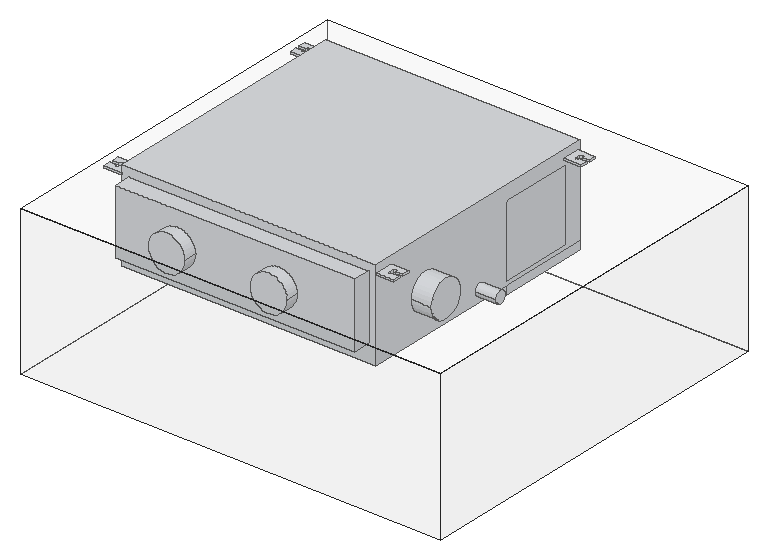
Revit family "pdfy-p22_140gmg7_50Hz", category 機械設備, Revit 2019
Family settings
  丸型コネクタ寸法 = 直径を使用
  パーツ タイプ = 標準
  OmniClass 番号 = 23.75.10.24.21.27.27
  OmniClass タイトル = Split System Air Conditioning Units
  作業面ベース = いいえ
  常に垂直 = いいえ
  ロード時にボイドで切り取り = いいえ
  共有 = いいえ
  部屋計算ポイント = はい
Parameters (values of type "PDFY-P22GMG7")
  騒音レベル（弱）(dB) = 51
  騒音レベル（中）(dB) = 55
  風量（弱）（m3／min） = 6
  風量（中）（m3／min） = 7.5
  風量（m3／min） = 8.5
  風量 = MAX風量  # 510.0 m³/h
  音響パワーレベル(dB) = 57
  電源種別 = ""
  電圧_電気ヒーター = 0 V
  電圧 = 200 V
  電動機出力_送風機 = 85 W
  運転質量 = 0.00 kg
  連動 = ""
  質量 = if(製品質量 > 運転質量, 製品質量, 運転質量) * 1.2  # 28.80 kg
  負荷分類 = 10_ファンコイル類
  説明 = "ビル用マルチエアコン 室内ユニット 天井ビルトイン形"
  設計暖房能力 [instance] = 0 kW
  設計冷房能力_顕熱 [instance] = 0 kW
  設計冷房能力 [instance] = 0 kW
  設置方法 = "天井吊(隠ぺい)形"
  記号 [instance] = ""
  製造元 = "三菱電機株式会社"
  製品質量 = 24.00 kg
  製品出荷対象 = "国内"
  製品リリース年月 = "2020年7月22日"
  製品グループ = ""
  系統 [instance] = ""
  符号 = "ACP-CIS"
  積算_科目 = "1 空気調和設備"
  積算_拾い区分 [instance] = ""
  相_電気ヒーター = 1
  相 = 1
  盤記号 [instance] = ""
  発停方法 = ""
  特殊仕様 [instance] = ""
  火災停止 = ""
  消費電力_電気ヒーター = 0 W
  消費電力_暖房 = 70 W
  消費電力_加湿器 = 0 W
  消費電力_冷房 = 90 W
  消費電力 = if(消費電力_冷房 > 消費電力_暖房, 消費電力_冷房, 消費電力_暖房) + 消費電力_加湿器 + 消費電力_電気ヒーター  # 90 W
  法定耐用年数 = "15"
  機外静圧 = 30.0 Pa
  極数 = 1
  材質 [instance] = ""
  有効加湿量 = 0
  暖房能力 = 2.5 kW
  形式_加湿器 = ""
  形式 = "天井吊（隠ぺい）形（片ダクト形）"
  幹線記号 [instance] = ""
  始動方式 = "直入"
  呼称 = "室内機_天井吊(隠ぺい)形(⽚ダクト形)"
  周波数 = 50 Hz
  台数_手元リモコン [instance] = ""
  台数_冷媒分岐ユニット [instance] = ""
  参照している仕様書等のバージョン = "公共建築工事標準仕様書（機械設備工事編）平成31年度版"
  加湿給水管径 = 0.00 mm
  分類コード = "50053003221050"
  分類グループ = ""
  冷房能力 = 2.2 kW
  冷媒高低圧ガス管径 = 0.00 mm
  冷媒管径符号 = "Ac"
  冷媒管径 = 100.00 mm
  冷媒液管径 = 6.35 mm
  冷媒ガス管径 = 12.70 mm
  価格 = 0
  企業コード = "108420"
  付属品_フィルター = ""
  付属品 [instance] = ""
  仕様書バージョン = "Version1.0"
  モデル = "PDFY-P22GMG7"
  パネル マテリアル = none
  ドレン管径 = 32.00 mm
  チャンバーボックス [instance] = yes
  ダクト高 = 178 mm
  ダクト幅 = 660 mm
  コメント [instance] = ""
  Keynote = ""
  Assembly Code = ""
  Width = 700 mm
  Version = ""
  Uniclass2015Version = "Systems v1.9"
  Uniclass2015Title = "Split coil remote air cooled condensing units"
  Uniclass2015Code = "Pr_70_65_03_84"
  URL = "https://www.mitsubishielectric.co.jp/ldg/wink/ssl/displayProduct.do?pid=307552"
  SpecificationReference = ""
  SpecificationDescription = ""
  Revision = ""
  ProductInformation = ""
  OmniClassCode = "23-33 17 13 11"
  MIN風量 = 風量（弱）（m3／min） * 60.0 m³/h  # 360.0 m³/h
  MID風量 = 風量（中）（m3／min） * 60.0 m³/h  # 450.0 m³/h
  MAX風量 = 風量（m3／min） * 60.0 m³/h  # 510.0 m³/h
  IfcTypeProduct = ""
  IfcProduct = ""
  IfcExportType = "AIRCONDITIONINGUNIT"
  IfcExportAs = "IfcUnitaryEquipmentType"
  Height = 250 mm
  Depth = 701 mm
  Author = "三菱電機株式会社"
Types (10, lengths in mm): name | 騒音レベル（弱）(dB) | 騒音レベル（中）(dB) | 風量（弱）（m3／min） | 風量（中）（m3／min） | 風量（m3／min） | 風量 | 音響パワーレベル(dB) | 電動機出力_送風機 | 質量 | 製品質量 | 消費電力_暖房 | 消費電力_冷房 | 消費電力 | 暖房能力 | 冷房能力 | 冷媒管径符号 | 冷媒液管径 | 冷媒ガス管径 | モデル | ダクト幅 | Width | URL | MIN風量 | MID風量 | MAX風量
  PDFY-P22GMG7 | 51 | 55 | 6 | 7.5 | 8.5 | 510.0 m³/h | 57 | 85 W | 28.80 kg | 24.00 kg | 70 W | 90 W | 90 W | 2.5 kW | 2.2 kW | "Ac" | 6.35 | 12.70 | "PDFY-P22GMG7" | 660 | 700 | "https://www.mitsubishielectric.co.jp/ldg/wink/ssl/displayProduct.do?pid=307552" | 360.0 m³/h | 450.0 m³/h | 510.0 m³/h
  PDFY-P28GMG7 | 51 | 56 | 6 | 7.5 | 8.5 | 510.0 m³/h | 57 | 85 W | 28.80 kg | 24.00 kg | 70 W | 90 W | 90 W | 3.2 kW | 2.8 kW | "Ac" | 6.35 | 12.70 | "PDFY-P28GMG7" | 660 | 700 | "https://www.mitsubishielectric.co.jp/ldg/wink/ssl/displayProduct.do?pid=307553" | 360.0 m³/h | 450.0 m³/h | 510.0 m³/h
  PDFY-P36GMG7 | 53 | 58 | 7 | 9 | 10.5 | 630.0 m³/h | 61 | 85 W | 28.80 kg | 24.00 kg | 110 W | 130 W | 130 W | 4 kW | 3.6 kW | "Ac" | 6.35 | 12.70 | "PDFY-P36GMG7" | 660 | 700 | "https://www.mitsubishielectric.co.jp/ldg/wink/ssl/displayProduct.do?pid=307501" | 420.0 m³/h | 540.0 m³/h | 630.0 m³/h
  PDFY-P45GMG7 | 53 | 56 | 9 | 12 | 14 | 840.0 m³/h | 59 | 85 W | 33.60 kg | 28.00 kg | 120 W | 140 W | 140 W | 5 kW | 4.5 kW | "Ac" | 6.35 | 12.70 | "PDFY-P45GMG7" | 860 | 900 | "https://www.mitsubishielectric.co.jp/ldg/wink/ssl/displayProduct.do?pid=307554" | 540.0 m³/h | 720.0 m³/h | 840.0 m³/h
  PDFY-P56GMG7 | 54 | 60 | 10 | 14.5 | 17 | 1020.0 m³/h | 62 | 85 W | 33.60 kg | 28.00 kg | 130 W | 150 W | 150 W | 6.3 kW | 5.6 kW | "Ac" | 6.35 | 15.90 | "PDFY-P56GMG7" | 860 | 900 | "https://www.mitsubishielectric.co.jp/ldg/wink/ssl/displayProduct.do?pid=307555" | 600.0 m³/h | 870.0 m³/h | 1020.0 m³/h
  PDFY-P71GMG7 | 56 | 60 | 12.5 | 16 | 19 | 1140.0 m³/h | 63 | 121 W | 39.60 kg | 33.00 kg | 140 W | 160 W | 160 W | 8 kW | 7.1 kW | "Bd" | 9.52 | 15.90 | "PDFY-P71GMG7" | 1060 | 1100 | "https://www.mitsubishielectric.co.jp/ldg/wink/ssl/displayProduct.do?pid=307502" | 750.0 m³/h | 960.0 m³/h | 1140.0 m³/h
  PDFY-P80GMG7 | 57 | 61 | 13 | 18 | 22 | 1320.0 m³/h | 64 | 121 W | 39.60 kg | 33.00 kg | 170 W | 190 W | 190 W | 9 kW | 8 kW | "Bd" | 9.52 | 15.90 | "PDFY-P80GMG7" | 1060 | 1100 | "https://www.mitsubishielectric.co.jp/ldg/wink/ssl/displayProduct.do?pid=307556" | 780.0 m³/h | 1080.0 m³/h | 1320.0 m³/h
  PDFY-P90GMG7 | 58 | 61 | 13 | 18 | 22 | 1320.0 m³/h | 64 | 121 W | 39.60 kg | 33.00 kg | 170 W | 190 W | 190 W | 10 kW | 9 kW | "Bd" | 9.52 | 15.90 | "PDFY-P90GMG7" | 1060 | 1100 | "https://www.mitsubishielectric.co.jp/ldg/wink/ssl/displayProduct.do?pid=307557" | 780.0 m³/h | 1080.0 m³/h | 1320.0 m³/h
  PDFY-P112GMG7 | 59 | 63 | 20 | 28 | 33 | 1980.0 m³/h | 67 | 244 W | 50.40 kg | 42.00 kg | 280 W | 300 W | 300 W | 12.5 kW | 11.2 kW | "Bd" | 9.52 | 15.90 | "PDFY-P112GMG7" | 1360 | 1400 | "https://www.mitsubishielectric.co.jp/ldg/wink/ssl/displayProduct.do?pid=307503" | 1200.0 m³/h | 1680.0 m³/h | 1980.0 m³/h
  PDFY-P140GMG7 | 62 | 67 | 24 | 34 | 40 | 2400.0 m³/h | 70 | 244 W | 50.40 kg | 42.00 kg | 390 W | 410 W | 410 W | 16 kW | 14 kW | "Bd" | 9.52 | 15.90 | "PDFY-P140GMG7" | 1360 | 1400 | "https://www.mitsubishielectric.co.jp/ldg/wink/ssl/displayProduct.do?pid=307558" | 1440.0 m³/h | 2040.0 m³/h | 2400.0 m³/h
Reference planes
  plane 1 "中心(正面/背面)": y = 0
  plane 2: z = 0
  plane 3 "中心(左/右)": x = 0
  plane 4: y = 407.5
  plane 5: x = -390
  plane 6: x = 770
  plane 7: y = -650.5
  plane 8: y = -350.5
  plane 9: y = 350.5
  plane 10: x = -350
  plane 11: x = 350
  plane 12: z = 22
  plane 13: z = 272
  plane 14: z = 282
  plane 15: z = -130
Lines and regions (mm)
  symbolic lines, detail levels fine
    curve 1: line (-350, 350.5, 0) -> (350, 350.5, 0)
    curve 2: line (-350, -350.5, 0) -> (-350, 350.5, 0)
    curve 3: line (350, -350.5, 0) -> (-350, -350.5, 0)
    curve 4: line (350, 350.5, 0) -> (350, -350.5, 0)
Dimensions and locks
  "Width": plane 10 to plane 11
  locked: plane 8 to plane 7 at 300
  locked: plane 4 to plane 9 at 57
  equal spacing: plane 9, plane 1 "中心(正面/背面)", plane 8
  "Depth": plane 9 to plane 8
  equal spacing: plane 10, plane 3 "中心(左/右)", plane 11
  locked: plane 11 to plane 6 at 420
  locked: plane 5 to plane 10 at 40
  locked: plane 12 to plane 2 at 22
  "Height": plane 13 to plane 12
  locked: plane 14 to plane 13 at 10
  locked: plane 2 to plane 15 at 130
  aligned and locked: level to plane 2
  aligned and locked: plane 1 "中心(正面/背面)" to nested 1
  aligned and locked: plane 3 "中心(左/右)" to nested 1
  aligned and locked: plane 6 to nested 2
  aligned and locked: plane 5 to nested 2
  aligned and locked: plane 15 to nested 2
  aligned and locked: plane 14 to nested 2
  aligned and locked: nested 2 to plane 7
  aligned and locked: nested 2 to plane 4
Automatic sketch dimensions
  curve 3 to plane 8 = 0 mm
  curve 3 to plane 10 = 0 mm
  curve 3 to plane 11 = 0 mm
  curve 2 to plane 9 = 0 mm
Nested families
  nested 1: "PDFY-P-GMG" at (0, 0, 0), ①高さ <- "Height", ①幅 <- "Width", ①奥行き <- "Depth", ダクト幅 <- "ダクト幅", ダクト高 <- "ダクト高", type "PDFY-P-GMG"
    with 配管径 100 mm, 液径 9.52 mm, 液W 57 mm, 液H 122 mm, 液D 136 mm, 吊りボルトW 754 mm, 吊りボルトH 20 mm, 吊りボルトD 643 mm, 加湿器径 0 mm, 加湿器W 0 mm, 加湿器H 0 mm, 加湿器D 0 mm, ドレン径 32 mm, ドレンW 58 mm, ドレンH 217 mm, ドレンD 356 mm, ダクト高 178 mm, ダクト幅 660 mm, ダクト④ no, ダクト③ no, ダクト② yes, ダクト① yes, ガス径 15.88 mm, ガスW 78 mm, ガスH 33 mm, ガスD 67 mm, ①高さ 250 mm, ①幅 700 mm, ①奥行き 701 mm, G 320 mm, F 320 mm, E 280 mm, D 210 mm
  nested 2: "サービススペース(PDFY-P-GMG)" at (190, -121.5, 76), type "サービススペース(PDFY-P-GMG)"
    with Width 1160 mm, Height 412 mm, Depth 1058 mm
Connectors
  piping at (407, -181, 133.5), diameter 100, driven by "冷媒管径"
    settings: on nested 1, index 5, connector inside diameter 609.60 mm, connector length 0 mm, flow factor 0, pipe flow 0.0 L/s, pressure drop 0.0 kPa, fitting loss kfactor 0, connector angle 0.00°, fixture units 0, engagement length 0 mm, angle of deflection 0.00°, flow configuration 1, flow direction 1, fitting loss method 4, system type 7, joint type 0, gender type 0, connector reference index -1, connector utility 0, adjustable connector no, is connector primary yes, connector description ""
  piping at (408, 5.5, 55), diameter 32, driven by "ドレン管径"
    settings: on nested 1, index 6, connector inside diameter 609.60 mm, connector length 0 mm, flow factor 0, pipe flow 0.0 L/s, pressure drop 0.0 kPa, fitting loss kfactor 0, connector angle 0.00°, fixture units 0, engagement length 0 mm, angle of deflection 0.00°, flow configuration 1, flow direction 1, fitting loss method 4, system type 16, joint type 0, gender type 0, connector reference index -1, connector utility 0, adjustable connector no, is connector primary no, connector description ""
  electrical at (351, 200.5, 133), driven by "極数", driven by "負荷分類", driven by "電圧", driven by "消費電力"
    settings: on nested 1, index 7, voltage 200 V, apparent load 90 VA, apparent load phase1 0 VA, apparent load phase2 0 VA, apparent load phase3 0 VA, power factor 1, load classification "10_ファンコイル類", number of poles 1, system type 30, power factor state 1, is connector primary yes, connector utility no, sub classification motor no, connector description ""
  hvac at (0, -397.5, 160), driven by "ダクト高", driven by "ダクト幅"
    settings: on nested 1, index 8, duct flow 0.0 m³/h, flow factor 0, pres drop 0.0 Pa, loss coef 0, conn angle 0.00°, conn width 660 mm, conn height 178 mm, conn diameter 609.6 mm, duct sys type 1, conn prof type 1, flow config 1, flow direction 2, loss method 4, conn ref index -1, conn util no, is conn primary yes, conn desc ""
Definition of nested family "PDFY-P-GMG"
  Parameters (values of type "PDFY-P-GMG")
    加湿器径 [instance] = 0 mm
    加湿器W [instance] = 0 mm
    加湿器H [instance] = 0 mm
    加湿器D [instance] = 0 mm
    液径 [instance] = 9.52 mm
    吊りボルトW [instance] = ①幅 + 54 mm  # 754 mm
    吊りボルトH [instance] = 20 mm
    吊りボルトD [instance] = 643 mm  # constant formula
    配管径 [instance] = 100 mm  # constant formula
    液W [instance] = 57 mm  # constant formula
    液H [instance] = 122 mm  # constant formula
    液D [instance] = 136 mm  # constant formula
    ドレン径 [instance] = 32 mm  # constant formula
    ドレンW [instance] = 58 mm  # constant formula
    ドレンH [instance] = 217 mm  # constant formula
    ドレンD [instance] = 356 mm  # constant formula
    ダクト高 [instance] = 178 mm
    ダクト幅 [instance] = 660 mm
    ダクト④ [instance] = ①幅 > 1300 mm  # no
    ダクト③ [instance] = ①幅 > 1000 mm  # no
    ダクト② [instance] = yes
    ダクト① [instance] = yes
    ガス径 [instance] = 15.88 mm
    ガスW [instance] = 78 mm  # constant formula
    ガスH [instance] = 33 mm  # constant formula
    ガスD [instance] = 67 mm  # constant formula
    ①幅 [instance] = 700 mm
    ①高さ [instance] = 250 mm
    ①奥行き [instance] = 701 mm
    G [instance] = 320 mm  # constant formula
    F [instance] = 320 mm  # constant formula
    E [instance] = if(①幅 = 1400 mm, 320 mm, if(①幅 = 1100 mm, 330 mm, if(①幅 = 900 mm, 450 mm, 280 mm)))  # 280 mm
    D [instance] = if(①幅 = 1400 mm, 220 mm, if(①幅 = 1100 mm, 230 mm, if(①幅 = 900 mm, 225 mm, 210 mm)))  # 210 mm
  Reference planes
    plane 1 "中心(正面/背面)": y = 0
    plane 2: z = 0
    plane 3 "中心(左/右)": x = 0
    plane 4: x = -350
    plane 5: x = 350
    plane 6: y = 350.5
    plane 7: y = -350.5
    plane 8: z = 272
    plane 9: y = 317.5
    plane 10: y = -325.5
    plane 11: x = -377
    plane 12: x = 377
    plane 13: y = 421.5
    plane 14: z = 252
    plane 15: z = 247
    plane 16: y = -397.5
    plane 17: x = 330
    plane 18: x = -330
    plane 19: y = -432.5
    plane 20: z = 71
    plane 21: z = 249
    plane 22: x = -400
    plane 23: x = 400
    plane 24: y = -300.5
    plane 25: y = 342.5
    plane 26: y = 292.5
    plane 27: x = -480
    plane 28: x = -160
    plane 29: x = 120
    plane 30: x = -800
    plane 31: z = 156
    plane 32: z = 22
    plane 33: y = 100.5
    plane 34: y = 5.5
    plane 35: y = -147.5
    plane 36: y = -214.5
    plane 37: y = -181
    plane 38: z = 150
    plane 39: z = 117
    plane 40: z = 133.5
    plane 41: x = 407
    plane 42: x = 408
    plane 43: z = 55
    plane 44: x = 351
  Forms (mm)
    Extrusion 1, solid, detail levels fine
      sketch origin (0, 0, 0) x (1, 0, 0) y (0, 1, 0)
        loop
          line (-350, 350.5) -> (-350, -350.5) -> (350, -350.5) -> (350, 350.5) -> (-350, 350.5)
      from 22 to 272
    Extrusion 2, solid, detail levels fine
      sketch origin (0, 0, 0) x (1, 0, 0) y (0, 0, 1)
        loop
          line (330, 249) -> (-330, 249) -> (-330, 71) -> (330, 71) -> (330, 249)
      from 350.5 to 397.5
    Extrusion 3, solid, detail levels fine
      sketch origin (0, 0, 0) x (1, 0, 0) y (0, 1, 0)
        loop
          line (350, 342.5) -> (350, 292.5) -> (400, 292.5) -> (400, 312.5) -> (382, 312.5)
          arc (382, 312.5) -> (377, 307.5) -> (372, 312.5) r 5
          line (372, 312.5) -> (372, 322.5)
          arc (372, 322.5) -> (377, 327.5) -> (382, 322.5) r 5
          line (382, 322.5) -> (400, 322.5) -> (400, 342.5) -> (350, 342.5)
        loop
          line (400, -300.5) -> (350, -300.5) -> (350, -350.5) -> (400, -350.5) -> (400, -330.5) -> (382, -330.5)
          arc (382, -330.5) -> (377, -335.5) -> (372, -330.5) r 5
          line (372, -330.5) -> (372, -320.5)
          arc (372, -320.5) -> (377, -315.5) -> (382, -320.5) r 5
          line (382, -320.5) -> (400, -320.5) -> (400, -300.5)
        loop
          line (-400, 342.5) -> (-400, 322.5) -> (-382, 322.5)
          arc (-382, 322.5) -> (-377, 327.5) -> (-372, 322.5) r 5
          line (-372, 322.5) -> (-372, 312.5)
          arc (-372, 312.5) -> (-377, 307.5) -> (-382, 312.5) r 5
          line (-382, 312.5) -> (-400, 312.5) -> (-400, 292.5) -> (-350, 292.5) -> (-350, 342.5) -> (-400, 342.5)
        loop
          line (-400, -300.5) -> (-400, -320.5) -> (-382, -320.5)
          arc (-382, -320.5) -> (-377, -315.5) -> (-372, -320.5) r 5
          line (-372, -320.5) -> (-372, -330.5)
          arc (-372, -330.5) -> (-377, -335.5) -> (-382, -330.5) r 5
          line (-382, -330.5) -> (-400, -330.5) -> (-400, -350.5) -> (-350, -350.5) -> (-350, -300.5) -> (-400, -300.5)
      from 247 to 252
    Extrusion 4, solid, visible <- "ダクト①", detail levels fine
      sketch origin (0, 0, 0) x (1, 0, 0) y (0, 0, 1)
        loop
          circle (120, 156) r 50
      from 397.5 to 432.5
    Extrusion 5, solid, detail levels fine
      sketch origin (0, 0, 0) x (1, 0, 0) y (0, 1, 0)
        loop
          line (-350, 350.5) -> (-350, 100.5) -> (350, 100.5) -> (350, 350.5) -> (-350, 350.5)
      from 0 to 22
    Extrusion 6, solid, detail levels fine
      sketch origin (0, 0, 0) x (0, 1, 0) y (0, 0, 1)
        loop
          circle (-181, 133.5) r 50
      from 350 to 407
    Extrusion 7, solid, detail levels fine
      sketch origin (0, 0, 0) x (0, 1, 0) y (0, 0, 1)
        loop
          circle (5.5, 55) r 16
      from 350 to 408
    Extrusion 8, solid, detail levels fine
      sketch origin (0, 0, 0) x (0, 1, 0) y (0, 0, 1)
        loop
          line (100.5, 231) -> (100.5, 35) -> (300.5, 35) -> (300.5, 231) -> (100.5, 231)
      from 350 to 351
    Extrusion 9, solid, visible <- "ダクト②", detail levels fine
      sketch origin (-140, 0, 0) x (1, 0, 0) y (0, 0, 1)
        loop
          circle (-20, 156) r 50
      from 397.5 to 432.5
    Extrusion 10, solid, visible <- "ダクト③", detail levels fine
      sketch origin (-280, 0, 0) x (1, 0, 0) y (0, 0, 1)
        loop
          circle (-200, 156) r 50
      from 397.5 to 432.5
    Extrusion 11, solid, visible <- "ダクト④", detail levels fine
      sketch origin (-420, 0, 0) x (1, 0, 0) y (0, 0, 1)
        loop
          circle (-380, 156) r 50
      from 397.5 to 432.5
  Dimensions and locks
    equal spacing: plane 7, plane 1 "中心(正面/背面)", plane 6
    "①奥行き": plane 7 to plane 6
    equal spacing: plane 4, plane 3 "中心(左/右)", plane 5
    "①幅": plane 4 to plane 5
    equal spacing: plane 11, plane 3 "中心(左/右)", plane 12
    "吊りボルトW": plane 11 to plane 12
    locked: plane 8 to plane 14 at 20
    locked: plane 14 to plane 15 at 5
    "ダクト幅": plane 17 to plane 18
    locked: plane 5 to plane 17 at 20
    "ダクト高": plane 21 to plane 20
    locked: plane 22 to plane 11 at 23
    locked: plane 12 to plane 23 at 23
    locked: plane 9 to plane 6 at 33
    "吊りボルトD": plane 10 to plane 9
    plane 26 to plane 9 to plane 25 = 25 mm locked, 25 mm locked
    plane 7 to plane 10 to plane 24 = 25 mm, 25 mm
    locked: plane 8 to plane 21 at 23
    locked: plane 16 to plane 7 at 47
    locked: plane 19 to plane 16 at 35
    "D": plane 29 to plane 17
    "E": plane 28 to plane 29
    "F": plane 27 to plane 28
    "G": plane 30 to plane 27
    locked: plane 8 to plane 31 at 116
    locked: plane 32 to level at 22
    "①高さ": plane 8 to plane 32
    locked: plane 33 to plane 6 at 250
    "液D": plane 7 to plane 36
    "ドレンD": plane 7 to plane 34
    "ガスD": plane 36 to plane 35
    equal spacing: plane 36, plane 37, plane 35
    "液H": plane 8 to plane 38
    "ガスH": plane 38 to plane 39
    equal spacing: plane 38, plane 40, plane 39
    "液W": plane 5 to plane 41
    "ドレンW": plane 5 to plane 42
    "ドレンH": plane 8 to plane 43
    plane 8 to plane 43 = 217 mm
    locked: plane 5 to plane 44 at 1
    radius of Extrusion 4 sketch curve = 50 mm
    "配管径": diameter of Extrusion 6 sketch curve
    "ドレン径": diameter of Extrusion 7 sketch curve
    radius of Extrusion 9 sketch curve = 50 mm
    radius of Extrusion 10 sketch curve = 50 mm
    radius of Extrusion 11 sketch curve = 50 mm
    aligned and locked: level to plane 2
    aligned and locked: plane 6 to Extrusion 1 sketch curve
    aligned and locked: plane 4 to Extrusion 1 sketch curve
    aligned and locked: Extrusion 1 sketch curve to plane 7
    aligned and locked: Extrusion 1 sketch curve to plane 5
    aligned and locked: plane 8 to Extrusion 1
    aligned and locked: plane 21 to Extrusion 2 sketch curve
    aligned and locked: plane 17 to Extrusion 2 sketch curve
    aligned and locked: Extrusion 2 sketch curve to plane 20
    aligned and locked: Extrusion 2 sketch curve to plane 18
    aligned and locked: plane 16 to Extrusion 2
    aligned and locked: Extrusion 2 to plane 7
    aligned and locked: plane 10 to nested 1
    aligned and locked: plane 11 to nested 1
    aligned and locked: plane 12 to nested 1
    aligned and locked: nested 1 to plane 9
    aligned and locked: plane 25 to Extrusion 3 sketch curve  (x2)
    aligned and locked: plane 5 to Extrusion 3 sketch curve
    aligned and locked: Extrusion 3 sketch curve to plane 26  (x2)
    aligned and locked: Extrusion 3 sketch curve to plane 23  (x2)
    aligned and locked: Extrusion 3 sketch curve to plane 24
    aligned and locked: plane 23 to Extrusion 3 sketch curve  (x2)
    aligned and locked: Extrusion 1 to Extrusion 3 sketch curve  (x2)
    aligned and locked: Extrusion 3 sketch curve to Extrusion 1  (x2)
    aligned and locked: plane 22 to Extrusion 3 sketch curve  (x4)
    aligned and locked: Extrusion 3 sketch curve to plane 4
    aligned and locked: plane 24 to Extrusion 3 sketch curve
    aligned and locked: plane 11 to Extrusion 3 sketch curve  (x4)
    aligned and locked: plane 12 to Extrusion 3 sketch curve  (x4)
    aligned and locked: plane 14 to Extrusion 3
    aligned and locked: Extrusion 3 to plane 15
    aligned and locked: plane 29 to Extrusion 4 sketch curve
    aligned and locked: plane 31 to Extrusion 4 sketch curve
    aligned and locked: plane 19 to Extrusion 4
    aligned and locked: Extrusion 4 to plane 16
    aligned and locked: Extrusion 1 to plane 32
    aligned and locked: Extrusion 5 sketch curve to Extrusion 1  (x2)
    aligned and locked: Extrusion 5 sketch curve to plane 33
    aligned and locked: Extrusion 5 sketch curve to plane 5
    aligned and locked: Extrusion 5 to Extrusion 1
    aligned and locked: plane 37 to Extrusion 6 sketch curve
    aligned and locked: plane 40 to Extrusion 6 sketch curve
    aligned and locked: Extrusion 6 to plane 5
    aligned and locked: plane 41 to Extrusion 6
    aligned and locked: plane 34 to Extrusion 7 sketch curve
    aligned and locked: plane 43 to Extrusion 7 sketch curve
    aligned and locked: plane 42 to Extrusion 7
    aligned and locked: Extrusion 7 to plane 5
    aligned and locked: plane 44 to Extrusion 8
    aligned and locked: Extrusion 8 to plane 5
    aligned and locked: plane 28 to Extrusion 9 sketch curve
    aligned and locked: plane 31 to Extrusion 9 sketch curve
    aligned and locked: plane 27 to Extrusion 10 sketch curve
    aligned and locked: plane 31 to Extrusion 10 sketch curve
    aligned and locked: plane 31 to Extrusion 11 sketch curve
    aligned and locked: plane 30 to Extrusion 11 sketch curve
    aligned and locked: plane 19 to Extrusion 11
    aligned and locked: Extrusion 11 to plane 16
    aligned and locked: plane 19 to Extrusion 10
    aligned and locked: Extrusion 10 to plane 16
    aligned and locked: Extrusion 9 to plane 16
    aligned and locked: plane 19 to Extrusion 9
  Automatic sketch dimensions
    Extrusion 3 sketch curve to plane 11 = 5 mm  (x2)
    Extrusion 3 sketch curve to Extrusion 3 sketch curve = 5 mm
    Extrusion 3 sketch curve to plane 12 = 5 mm
    plane 10 to Extrusion 3 sketch curve = 5 mm  (x2)
    Extrusion 3 sketch curve to Extrusion 3 sketch curve = 0 mm  (x4)
    Extrusion 3 sketch curve to plane 10 = 5 mm  (x2)
    plane 9 to Extrusion 3 sketch curve = 5 mm  (x3)
    Extrusion 3 sketch curve to plane 9 = 5 mm  (x2)
    Extrusion 8 sketch curve to plane 33 = 0 mm
    Extrusion 8 sketch curve to plane 26 = 8 mm
    plane 32 to Extrusion 8 sketch curve = 13 mm
    Extrusion 8 sketch curve to plane 15 = 16 mm
  Nested families
    nested 1: "固定点" at (-377, -325.5, 0), type "固定点", detail levels fine
      with W 754 mm, D 643 mm, 中心円 10 mm
  Definition of nested family "固定点"
    Parameters (values of type "固定点")
      中心円 = 20 mm
      W [instance] = 1000 mm
      D [instance] = 1000 mm
    Reference planes
      plane 1 "中心(正面/背面)": y = 0
      plane 2: z = 0
      plane 3 "中心(左/右)": x = 0
      plane 4: x = 1000
      plane 5: y = 1000
    Lines and regions (mm)
      symbolic lines, detail levels fine
        curve 1: circle (0, 1000, 0) r 10 normal (0, 0, 1)
        curve 2: circle (0, 0, 0) r 10 normal (0, 0, 1)
        curve 3: circle (1000, 1000, 0) r 10 normal (0, 0, 1)
        curve 4: circle (1000, 0, 0) r 10 normal (0, 0, 1)
        curve 5: line (-200, 1000, 0) -> (1200, 1000, 0)
        curve 6: line (-200, 0, 0) -> (1200, 0, 0)
        curve 7: line (0, 1200, 0) -> (0, -200, 0)
        curve 8: line (1000, 1200, 0) -> (1000, -200, 0)
    Dimensions and locks
      "W": plane 3 "中心(左/右)" to plane 4
      "D": plane 1 "中心(正面/背面)" to plane 5
      "中心円": diameter of curve 1
      "中心円": diameter of curve 2
      "中心円": diameter of curve 3
      "中心円": diameter of curve 4
      aligned and locked: level to plane 2
      aligned and locked: plane 5 to curve 1
      aligned and locked: plane 3 "中心(左/右)" to curve 1
      aligned and locked: plane 3 "中心(左/右)" to curve 2
      aligned and locked: plane 1 "中心(正面/背面)" to curve 2
      aligned and locked: plane 4 to curve 3
      aligned and locked: plane 5 to curve 3
      aligned and locked: plane 1 "中心(正面/背面)" to curve 4
      aligned and locked: plane 4 to curve 4
      aligned and locked: plane 1 "中心(正面/背面)" to curve 6
      aligned and locked: curve 7 to plane 3 "中心(左/右)"
      aligned and locked: curve 8 to plane 4
    Automatic sketch dimensions
      curve 5 to plane 5 = 0 mm
      curve 6 to plane 3 "中心(左/右)" = 200 mm
      curve 5 to plane 3 "中心(左/右)" = 200 mm
      curve 4 to curve 6 = 200 mm
      curve 3 to curve 5 = 200 mm
      plane 1 "中心(正面/背面)" to curve 8 = 200 mm
      plane 1 "中心(正面/背面)" to curve 7 = 200 mm
      curve 3 to curve 8 = 200 mm
      curve 1 to curve 7 = 200 mm
Definition of nested family "サービススペース(PDFY-P-GMG)"
  Parameters (values of type "サービススペース")
    Width [instance] = 500 mm
    Height [instance] = 500 mm
    Depth [instance] = 500 mm
  Reference planes
    plane 1 "中心(正面/背面)": y = 0
    plane 2: z = 0
    plane 3 "中心(左/右)": x = 0
    plane 4: y = -250
    plane 5: x = 250
    plane 6: y = 250
    plane 7: x = -250
    plane 8: z = 250
    plane 9: z = -250
  Forms (mm)
    Extrusion 1, solid
      sketch origin (-638.939, 0, 72.39) x (1, 0, 0) y (0, 1, 0)
        loop
          line (388.939, 250) -> (388.939, -250) -> (888.939, -250) -> (888.939, 250) -> (388.939, 250)
      from -322.39 to 177.61
  Lines and regions (mm)
    symbolic lines
      curve 1: line (-250, 0, 250) -> (250, 0, 250)
      curve 2: line (-250, 0, -250) -> (-250, 0, 250)
      curve 3: line (250, 0, -250) -> (-250, 0, -250)
      curve 4: line (250, 0, 250) -> (250, 0, -250)
      curve 5: line (0, -250, 250) -> (0, 250, 250)
      curve 6: line (0, -250, -250) -> (0, -250, 250)
      curve 7: line (0, 250, -250) -> (0, -250, -250)
      curve 8: line (0, 250, 250) -> (0, 250, -250)
      curve 9: line (-250, 250, 0) -> (250, 250, 0)
      curve 10: line (-250, -250, 0) -> (-250, 250, 0)
      curve 11: line (250, -250, 0) -> (-250, -250, 0)
      curve 12: line (250, 250, 0) -> (250, -250, 0)
  Dimensions and locks
    equal spacing: plane 7, plane 3 "中心(左/右)", plane 5
    equal spacing: plane 4, plane 1 "中心(正面/背面)", plane 6
    "Depth": plane 4 to plane 6
    "Width": plane 7 to plane 5
    equal spacing: plane 8, plane 2, plane 9
    "Height": plane 8 to plane 9
    aligned and locked: plane 9 to curve 3
    aligned and locked: plane 7 to curve 2
    aligned and locked: curve 4 to plane 5
    aligned and locked: plane 5 to Extrusion 1
    aligned and locked: Extrusion 1 to plane 7
    aligned and locked: Extrusion 1 to plane 9
    aligned and locked: plane 8 to Extrusion 1
    aligned and locked: plane 9 to curve 7
  Automatic sketch dimensions
    plane 4 to Extrusion 1 sketch curve = 0 mm
    Extrusion 1 sketch curve to plane 7 = 0 mm
    Extrusion 1 sketch curve to plane 5 = 0 mm
    plane 6 to Extrusion 1 sketch curve = 0 mm
    curve 2 to plane 8 = 0 mm
    plane 4 to curve 11 = 0 mm
    curve 11 to plane 7 = 0 mm
    curve 11 to plane 5 = 0 mm
    plane 6 to curve 10 = 0 mm
    curve 7 to plane 4 = 0 mm
    curve 7 to plane 6 = 0 mm
    curve 6 to plane 8 = 0 mm
